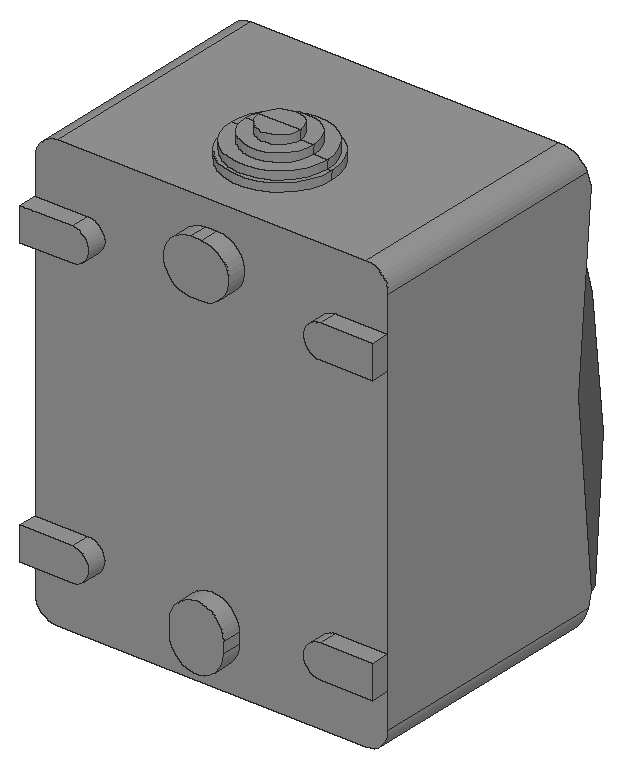
Revit family "IEK_Выключатель_ОткрытойУстановки_10А IP54_ФОРС", category Выключатели, Revit 2019
Family settings
  Сохранять ориентацию аннотаций = Да
  Размер круглого соединителя = Использовать диаметр
  Тип детали = Переключатель
  На основе рабочей плоскости = Нет
  Всегда вертикально = Да
  При загрузке вырезать с полостями = Нет
  Общий = Нет
  Точка расчета площади = Нет
Parameters (values of type "ВСк20-1-0-ФСр")
  Ширина = 65 mm  # constant formula
  Тип монтажа = "Поверхность монтажа (открытая установка)"  # constant formula
  Степень защиты = "IP54"  # constant formula
  Материал крышки = RAL 9004
  Изготовитель = "IEK"  # constant formula
  Дата изменения = ""
  Глубина = 55 mm  # constant formula
  Высота = 92 mm  # constant formula
  ΔХ [instance] = 2000 mm
  ΔY [instance] = 2000 mm
  KSI_CPr_Строительные изделия = "20.4.01"  # constant formula
  KSI_CMa_Строительные материалы = "01.7.14.03"  # constant formula
  IEK_Цена за единицу = 447.76
  IEK_Поиск в таблице имен = ""
  IEK_Описание = "Выключатели и розетки серии «ФОРС» IP54 для открытой установки предназначены для помещений с повышенной влажностью и запыленностью: подвалов, гаражей, мастерских. Дизайн розеток и выключателей данной серии идеально впишется в интерьер промышленных предприятий."
  IEK_URL = "https://www.iek.ru/products/catalog/izdeliya_elektroustanovochnye_udliniteli_i_silovye_razemy/elektroustanovochnye_izdeliya/elektroustanovochnye_izdeliya_otkrytogo_montazha_ip44_ip54/elektroustanovochnye_izdeliya_fors/vyklyuchatel_1_klavishnyy_dlya_otkrytoy_ustanovki_knopochnyy_vsk20_1_0_fsr_fors_ip54_iek"
  ADSK_Ток [instance] = 10 A  # constant formula
  ADSK_Примечание = ""
  ADSK_Полная мощность [instance] = ADSK_Номинальная мощность / ADSK_Коэффициент мощности  # 2200 VA
  ADSK_Позиция [instance] = ""
  ADSK_Номинальная мощность [instance] = ADSK_Ток * ADSK_Напряжение * sqrt(ADSK_Количество фаз числовое) * ADSK_Коэффициент мощности  # 2200 W
  ADSK_Напряжение = 220 V
  ADSK_Наименование = "Выключатель 1-клавишный для открытой установки кнопочный ВСк20-1-0-ФСр ФОРС IP54 IEK"
  ADSK_Материал обозначение = ""
  ADSK_Материал наименование = "Пластик"  # constant formula
  ADSK_Материал = Окраска - RAL 7035
  ADSK_Масса = 0.13
  ADSK_Марка = "ФОРС"  # constant formula
  ADSK_Коэффициент мощности [instance] = 1  # constant formula
  ADSK_Количество фаз числовое = 1
  ADSK_Количество фаз = 1
  ADSK_Код изделия = "EVS13-K03-10-54-DC"
  ADSK_Классификация нагрузок [instance] = Прочее
  ADSK_Завод-изготовитель = "IEK"  # constant formula
  ADSK_Единица измерения = "шт"  # constant formula
  ADSK_Группирование = "III ЭЛЕКТРОУСТАНОВОЧНЫЕ И ЭЛЕКТРОМОНТАЖНЫЕ ИЗДЕЛИЯ"  # constant formula
  ADSK_Версия семейства = "1.0"  # constant formula
  ADSK_Версия Revit = "2019"  # constant formula
  ADSK_URL страницы изделия = "https://www.iek.ru/products/catalog/izdeliya_elektroustanovochnye_udliniteli_i_silovye_razemy/elektroustanovochnye_izdeliya/elektroustanovochnye_izdeliya_otkrytogo_montazha_ip44_ip54/elektroustanovochnye_izdeliya_fors/"
Types (3, lengths in mm): name | IEK_Цена за единицу | IEK_URL | ADSK_Наименование | ADSK_Масса | ADSK_Код изделия
  (no name) | 447.76 | "https://www.iek.ru/products/catalog/izdeliya_elektroustanovochnye_udliniteli_i_silovye_razemy/elektroustanovochnye_izdeliya/elektroustanovochnye_izdeliya_otkrytogo_montazha_ip44_ip54/elektroustanovochnye_izdeliya_fors/vyklyuchatel_1_klavishnyy_dlya_otkrytoy_ustanovki_knopochnyy_vsk20_1_0_fsr_fors_ip54_iek" | "Выключатель 1-клавишный для открытой установки кнопочный ВСк20-1-0-ФСр ФОРС IP54 IEK" | 0.13 | "EVS13-K03-10-54-DC"
  ВС20-1-0-ФСр | 368.6 | "https://www.iek.ru/products/catalog/izdeliya_elektroustanovochnye_udliniteli_i_silovye_razemy/elektroustanovochnye_izdeliya/elektroustanovochnye_izdeliya_otkrytogo_montazha_ip44_ip54/elektroustanovochnye_izdeliya_fors/vyklyuchatel_1_klavishnyy_dlya_otkrytoy_ustanovki_vs20_1_0_fsr_fors_ip54_iek" | "Выключатель 1-клавишный для открытой установки ВС20-1-0-ФСр ФОРС IP54 IEK" | 0.09 | "EVS10-K03-10-54-DC"
  ВСк20-1-0-ФСр | 447.76 | "https://www.iek.ru/products/catalog/izdeliya_elektroustanovochnye_udliniteli_i_silovye_razemy/elektroustanovochnye_izdeliya/elektroustanovochnye_izdeliya_otkrytogo_montazha_ip44_ip54/elektroustanovochnye_izdeliya_fors/vyklyuchatel_1_klavishnyy_dlya_otkrytoy_ustanovki_knopochnyy_vsk20_1_0_fsr_fors_ip54_iek" | "Выключатель 1-клавишный для открытой установки кнопочный ВСк20-1-0-ФСр ФОРС IP54 IEK" | 0.13 | "EVS13-K03-10-54-DC"
Reference planes
  plane 1 "По центру (Вперед/Назад)": y = 0
  plane 2: z = 0
  plane 3 "По центру (Влево/Вправо)": x = 0
  plane 4 "Высота ножек": z = 280
  plane 5 "Высота": z = 2081.496
  plane 6: x = -2000
  plane 7: y = 2000
Forms (mm)
  Extrusion 1, solid, detail levels coarse
    sketch origin (5.5, 24, 0) x (1, 0, 0) y (0, 1, 0)
      loop
        line (-38, -24) -> (27, -24) -> (27, 31) -> (-38, 31) -> (-38, -24)
    from 0 to 92
  Extrusion 2, solid, detail levels medium
    sketch origin (-5.5, 24, 0) x (1, 0, 0) y (0, 1, 0)
      loop
        line (-27, 31) -> (-27, -24) -> (38, -24) -> (38, 31) -> (-27, 31)
    from 0 to 92
  Extrusion 3, solid, material "Окраска - RAL 7035" <- "ADSK_Материал", detail levels fine
    sketch origin (0, 0, 45.5) x (1, 0, 0) y (0, 0, -1)
      loop
        line (-32, 35.5) -> (-32, -35.45)
        arc (-32, -35.45) -> (-30.814, -38.314) -> (-27.95, -39.5) r 4.05
        line (-27.95, -39.5) -> (28, -39.5)
        arc (28, -39.5) -> (30.828, -38.328) -> (32, -35.5) r 4
        line (32, -35.5) -> (32, 35.5)
        arc (32, 35.5) -> (30.828, 38.328) -> (28, 39.5) r 4
        line (28, 39.5) -> (-28, 39.5)
        arc (-28, 39.5) -> (-30.828, 38.328) -> (-32, 35.5) r 4
    from 3.5 to 50.392
  Extrusion 4, void
    sketch origin (0, 0, 32.4) x (1, 0, 0) y (0, 0, -1)
      loop
        line (-30.2, 22.4) -> (-30.2, -48.6)
        arc (-30.2, -48.6) -> (-29.556, -50.156) -> (-28, -50.8) r 2.2
        line (-28, -50.8) -> (28, -50.8)
        arc (28, -50.8) -> (29.556, -50.156) -> (30.2, -48.6) r 2.2
        line (30.2, -48.6) -> (30.2, 22.4)
        arc (30.2, 22.4) -> (29.556, 23.956) -> (28, 24.6) r 2.2
        line (28, 24.6) -> (-28, 24.6)
        arc (-28, 24.6) -> (-29.556, 23.956) -> (-30.2, 22.4) r 2.2
    from 39.3 to 50.392
  Extrusion 5, solid, material "Окраска - RAL 7035" <- "ADSK_Материал", detail levels fine
    sketch origin (0, 0, 45.5) x (1, 0, 0) y (0, 0, -1)
      loop
        line (-32, 23) -> (-22.5, 23)
        arc (-22.5, 23) -> (-19.5, 26) -> (-22.5, 29) r 3
        line (-22.5, 29) -> (-32, 29) -> (-32, 23)
      loop
        line (32, 23) -> (32, 29) -> (22.5, 29)
        arc (22.5, 29) -> (19.5, 26) -> (22.5, 23) r 3
        line (22.5, 23) -> (32, 23)
      loop
        line (-32, -23) -> (-32, -29) -> (-22.5, -29)
        arc (-22.5, -29) -> (-19.5, -26) -> (-22.5, -23) r 3
        line (-22.5, -23) -> (-32, -23)
      loop
        line (32, -23) -> (22.5, -23)
        arc (22.5, -23) -> (19.5, -26) -> (22.5, -29) r 3
        line (22.5, -29) -> (32, -29) -> (32, -23)
      loop
        arc (1, -34.9) -> (5.9, -30) -> (1, -25.1) r 4.9
        line (1, -25.1) -> (-1, -25.1)
        arc (-1, -25.1) -> (-5.9, -30) -> (-1, -34.9) r 4.9
        line (-1, -34.9) -> (1, -34.9)
      loop
        line (-4.9, 31) -> (-4.9, 29)
        arc (-4.9, 29) -> (0, 24.1) -> (4.9, 29) r 4.9
        line (4.9, 29) -> (4.9, 31)
        arc (4.9, 31) -> (0, 35.9) -> (-4.9, 31) r 4.9
    from 0 to 3.5
  Revolve 6, solid, material "Окраска - RAL 7035" <- "ADSK_Материал", detail levels fine
    sketch origin (0, 18.905, 4617.5) x (-1, 0, 0) y (0, 0, 1)
      loop
        line (0, -4526.5) -> (0, -4532.5) -> (9.541, -4532.5) -> (9.541, -4531) -> (8.75, -4531) -> (8.75, -4529.5) -> (6.25, -4529.5) -> (6.25, -4528) -> (3.75, -4528) -> (3.75, -4526.5) -> (0, -4526.5)
      loop
        line (0, -4617.5) -> (3.75, -4617.5) -> (3.75, -4616) -> (6.25, -4616) -> (6.25, -4614.5) -> (8.75, -4614.5) -> (8.75, -4613) -> (9.541, -4613) -> (9.541, -4611.5) -> (0, -4611.5) -> (0, -4617.5)
      axis (0, -4617.5) -> (0, -4526.5)
    angle from 0 to 360
  Extrusion 7, void
    sketch origin (0, 0, 45.5) x (0, 0, -1) y (0, 1, 0)
      loop
        line (39.5, 47.287) -> (39.5, 51.998) -> (-39.5, 51.998) -> (-39.5, 47.287) -> (-33.021, 49.493)
        arc (-33.021, 49.493) -> (0.067, 46.452) -> (33.15, 49.537) r 180.205
        arc (33.15, 49.537) -> (36.341, 48.456) -> (39.5, 47.287) r 121.61
    from -32 to 32
  Extrusion 8, solid, material "RAL 9004" <- "Материал крышки", detail levels fine
    sketch origin (0, 0, -54.575) x (0, 0, -1) y (0, 1, 0)
      loop
        line (-136.6, 39.3) -> (-63.59, 39.3) -> (-63.59, 46.629) -> (-64.398, 53.299)
        arc (-64.398, 53.299) -> (-64.651, 53.912) -> (-65.264, 54.166) r 0.867
        arc (-65.264, 54.166) -> (-101.053, 55.2) -> (-135.915, 47.044) r 138.769
        arc (-135.915, 47.044) -> (-136.396, 46.68) -> (-136.6, 46.112) r 1.059
        line (-136.6, 46.112) -> (-136.6, 39.3)
    from -29 to 29
Cuts and joins
  Extrusion 4, Extrusion 7 cuts Extrusion 3
Lines and regions (mm)
  reference lines
    curve 1: line (0, 44.647, 0) -> (0, -55.353, 0)
    curve 2: line (-23.829, 0, 0) -> (76.171, 0, 0)
Dimensions and locks
  locked: plane 4 "Высота ножек" to plane 2 at 280
  plane 5 "Высота" to plane 4 "Высота ножек" = 1801.496 mm
  "ΔХ": plane 6 to curve 1
  "ΔY": plane 7 to curve 2
  aligned and locked: level to plane 2
  aligned and locked: curve 2 to nested 1
  aligned and locked: nested 1 to curve 1
Automatic sketch dimensions
  Extrusion 1 sketch curve to plane 1 "По центру (Вперед/Назад)" = 55 mm
  Extrusion 1 sketch curve to plane 3 "По центру (Влево/Вправо)" = 32.5 mm
  plane 3 "По центру (Влево/Вправо)" to Extrusion 1 sketch curve = 32.5 mm
  plane 1 "По центру (Вперед/Назад)" to Extrusion 1 sketch curve = 0 mm
  Extrusion 2 sketch curve to plane 3 "По центру (Влево/Вправо)" = 32.5 mm
  plane 3 "По центру (Влево/Вправо)" to Extrusion 2 sketch curve = 32.5 mm
  plane 1 "По центру (Вперед/Назад)" to Extrusion 2 sketch curve = 0 mm
  Extrusion 2 sketch curve to plane 1 "По центру (Вперед/Назад)" = 55 mm
  level to Extrusion 3 sketch curve = 10 mm  (x2)
  Extrusion 3 sketch curve to plane 3 "По центру (Влево/Вправо)" = 32 mm
  Extrusion 3 sketch curve to Extrusion 3 sketch curve = 4 mm
  Extrusion 3 sketch curve to Extrusion 3 sketch curve = 4.05 mm
  plane 3 "По центру (Влево/Вправо)" to Extrusion 3 sketch curve = 28 mm  (x2)
  Extrusion 3 sketch curve to Extrusion 3 sketch curve = 70.95 mm
  level to Extrusion 4 sketch curve = 10 mm  (x2)
  Extrusion 4 sketch curve to plane 3 "По центру (Влево/Вправо)" = 30.2 mm
  Extrusion 4 sketch curve to Extrusion 4 sketch curve = 2.2 mm  (x2)
  plane 3 "По центру (Влево/Вправо)" to Extrusion 4 sketch curve = 28 mm  (x2)
  Extrusion 4 sketch curve to Extrusion 4 sketch curve = 71 mm
  Extrusion 5 sketch curve to plane 3 "По центру (Влево/Вправо)" = 0 mm
  Extrusion 5 sketch curve to plane 3 "По центру (Влево/Вправо)" = 1 mm
  Extrusion 5 sketch curve to plane 3 "По центру (Влево/Вправо)" = 4.9 mm
  Extrusion 5 sketch curve to Extrusion 5 sketch curve = 21.5 mm  (x2)
  Extrusion 5 sketch curve to Extrusion 5 sketch curve = 17.6 mm  (x2)
  Extrusion 5 sketch curve to Extrusion 5 sketch curve = 9.5 mm  (x4)
  plane 3 "По центру (Влево/Вправо)" to Extrusion 5 sketch curve = 1 mm
  level to Extrusion 5 sketch curve = 80.4 mm
  Extrusion 5 sketch curve to Extrusion 5 sketch curve = 4.9 mm
  Extrusion 5 sketch curve to Extrusion 5 sketch curve = 1 mm  (x2)
  Extrusion 5 sketch curve to Extrusion 5 sketch curve = 3 mm  (x4)
  level to Extrusion 5 sketch curve = 22.5 mm  (x2)
  level to Extrusion 5 sketch curve = 16.5 mm
  Extrusion 5 sketch curve to Extrusion 5 sketch curve = 2 mm
  Revolve 6 sketch curve to plane 3 "По центру (Влево/Вправо)" = 0 mm  (x3)
  Revolve 6 sketch curve to level = 0 mm
  Revolve 6 sketch curve to plane 3 "По центру (Влево/Вправо)" = 3.75 mm  (x2)
  level to Revolve 6 sketch curve = 1.5 mm
  Revolve 6 sketch curve to Revolve 6 sketch curve = 2.5 mm  (x4)
  Revolve 6 sketch curve to Revolve 6 sketch curve = 0.791 mm  (x2)
  Revolve 6 sketch curve to Revolve 6 sketch curve = 1.5 mm  (x6)
  Revolve 6 sketch curve to Revolve 6 sketch curve = 4.5 mm
  Revolve 6 sketch curve to Revolve 6 sketch curve = 79 mm
  Revolve 6 sketch curve to level = 1478.5 mm
  Revolve 6 sketch curve to plane 5 "Высота" = 511.996 mm
  level to Extrusion 7 sketch curve = 85 mm
  Extrusion 7 sketch curve to Extrusion 7 sketch curve = 6.479 mm
  level to Extrusion 7 sketch curve = 49.778 mm
  level to Extrusion 7 sketch curve = 45.554 mm
  level to Extrusion 7 sketch curve = 6 mm
  plane 1 "По центру (Вперед/Назад)" to Extrusion 7 sketch curve = 66.17 mm
  Extrusion 7 sketch curve to plane 1 "По центру (Вперед/Назад)" = 47.287 mm  (x2)
  Extrusion 7 sketch curve to Extrusion 7 sketch curve = 2.206 mm
  Extrusion 7 sketch curve to Extrusion 7 sketch curve = 4.711 mm
  Extrusion 7 sketch curve to Extrusion 7 sketch curve = 174.659 mm
  level to Extrusion 8 sketch curve = 82.025 mm
  Extrusion 8 sketch curve to Extrusion 8 sketch curve = 1.058 mm
  level to Extrusion 8 sketch curve = 32.559 mm
  level to Extrusion 8 sketch curve = 10.689 mm
  Extrusion 8 sketch curve to Extrusion 8 sketch curve = 0.867 mm
  Extrusion 8 sketch curve to Extrusion 8 sketch curve = 0.808 mm
  plane 1 "По центру (Вперед/Назад)" to Extrusion 8 sketch curve = 82.869 mm
  Extrusion 8 sketch curve to plane 1 "По центру (Вперед/Назад)" = 39.3 mm
  Extrusion 8 sketch curve to Extrusion 8 sketch curve = 6.752 mm
  Extrusion 8 sketch curve to Extrusion 8 sketch curve = 0.061 mm
  Extrusion 8 sketch curve to Extrusion 8 sketch curve = 7.329 mm
  Extrusion 8 sketch curve to Extrusion 8 sketch curve = 6.67 mm
  curve 2 to plane 3 "По центру (Влево/Вправо)" = 23.829 mm
  plane 3 "По центру (Влево/Вправо)" to curve 2 = 76.171 mm
  plane 1 "По центру (Вперед/Назад)" to curve 1 = 55.353 mm
  curve 1 to plane 1 "По центру (Вперед/Назад)" = 44.647 mm
Nested families
  nested 1: "УГО Выключателя" at (0, 0, 0), type "1K-O", detail levels coarse+medium
    with IP44 yes
Connectors
  electrical at (0, 0, 46), driven by "ADSK_Количество фаз", driven by "ADSK_Классификация нагрузок", driven by "ADSK_Напряжение", driven by "ADSK_Полная мощность", driven by "ADSK_Коэффициент мощности"
    settings: on Extrusion 1, index 1, voltage 220 V, apparent load 0 VA, apparent load phase1 2200 VA, apparent load phase2 0 VA, apparent load phase3 0 VA, power factor 1, load classification "Прочее", number of poles 1, system type 31, power factor state 1, is connector primary yes, connector utility no, sub classification motor no, connector description ""
Definition of nested family "УГО Выключателя"
  Parameters (values of type "3K-O")
    IP44 [instance] = no
    3K-C = no
    2K-C = no
    1K-C = no
    3K-O = yes
    2K-O = no
    1K-O = no
  Types (6, lengths in mm): name | 3K-C | 2K-C | 1K-C | 3K-O | 2K-O | 1K-O
    2K-O | no | no | no | no | yes | no
    3K-O | no | no | no | yes | no | no
    2K-C | no | yes | no | no | no | no
    1K-O | no | no | no | no | no | yes
    1K-C | no | no | yes | no | no | no
    3K-C | yes | no | no | no | no | no
  Reference planes
    plane 1: y = 0
    plane 2: x = 0
  Lines and regions (mm)
    Filled region 1, type "Цветовая область 1", visible <- "IP44", not visible
      outline origin (0, 0, 0) x (1, 0, 0) y (0, 1, 0)
        loop
          circle (0, 2.214) r 0.994
    Filled region 2, type "Цветовая область 1", visible <- "IP44", not visible
      outline origin (-1.562, 0, 0) x (1, 0, 0) y (0, 1, 0)
        loop
          circle (11.009, 9.276) r 0.994
    Filled region 3, type "Цветовая область 1", visible <- "IP44", not visible
      outline origin (-1.562, 0, 0) x (1, 0, 0) y (0, 1, 0)
        loop
          circle (23.521, 9.279) r 0.994
    Filled region 4, type "Цветовая область 1", visible <- "IP44", not visible
      outline origin (0, 0, 0) x (1, 0, 0) y (0, 1, 0)
        loop
          circle (28.604, 9.279) r 0.994
    Filled region 5, type "Цветовая область 1", visible <- "IP44", not visible
      outline origin (0, 0, 0) x (1, 0, 0) y (0, 1, 0)
        loop
          circle (32.789, 9.279) r 0.994
    Filled region 6, type "Цветовая область 1", visible <- "IP44"
      outline origin (0, 0, 0) x (1, 0, 0) y (0, 1, 0)
        loop
          circle (0.006, 0.994) r 0.994
    Filled region 7, type "Цветовая область 1", visible <- "IP44"
      outline origin (0, 0, 0) x (1, 0, 0) y (0, 1, 0)
        loop
          circle (0.006, 0.994) r 0.994
    Filled region 8, type "Цветовая область 1", visible <- "IP44"
      outline origin (-1.562, 0, 0) x (1, 0, 0) y (0, 1, 0)
        loop
          circle (1.569, 0.994) r 0.994
    Filled region 9, type "Цветовая область 1", visible <- "IP44"
      outline origin (0, 0, 0) x (1, 0, 0) y (0, 1, 0)
        loop
          circle (0.006, 0.994) r 0.994
    Filled region 10, type "Цветовая область 1", visible <- "IP44", not visible
      outline origin (0, 0, 0) x (1, 0, 0) y (0, 1, 0)
        loop
          circle (15.057, 15.33) r 0.994
    Filled region 11, type "Цветовая область 1", visible <- "IP44"
      outline origin (-1.562, 0, 0) x (1, 0, 0) y (0, 1, 0)
        loop
          circle (1.569, 0.994) r 0.994
    Filled region 12, type "Цветовая область 1", visible <- "IP44"
      outline origin (0, 0, 0) x (1, 0, 0) y (0, 1, 0)
        loop
          circle (0.006, 0.994) r 0.994
    detail lines, visible <- "3K-O", not visible
      curve 1: line (0.86, 2.711, 0) -> (3.031, 3.964, 0)
      curve 2: line (0.639, 2.975, 0) -> (2.25, 4.895, 0)
      curve 3: line (0.323, 3.154, 0) -> (1.139, 5.524, 0)
      curve 4: circle (0, 2.214, 0) r 0.994 normal (0, 0, 1)
      curve 5: line (3.031, 3.964, 0) -> (3.431, 3.272, 0)
      curve 6: line (2.25, 4.895, 0) -> (2.863, 4.381, 0)
      curve 7: line (1.139, 5.524, 0) -> (1.896, 5.263, 0)
    detail lines, visible <- "2K-O", not visible
      curve 8: line (10.196, 9.928, 0) -> (12.088, 11.572, 0)
      curve 9: line (9.928, 10.145, 0) -> (11.143, 12.337, 0)
      curve 10: circle (9.446, 9.276, 0) r 0.994 normal (0, 0, 1)
      curve 11: line (12.088, 11.572, 0) -> (12.613, 10.968, 0)
      curve 12: line (11.143, 12.337, 0) -> (11.843, 11.949, 0)
    detail lines, visible <- "1K-O", not visible
      curve 13: line (15.627, 16.144, 0) -> (17.201, 18.393, 0)
      curve 14: circle (15.057, 15.33, 0) r 0.994 normal (0, 0, 1)
      curve 15: line (17.201, 18.393, 0) -> (17.857, 17.934, 0)
    detail lines, visible <- "3K-C", not visible
      curve 16: line (22.819, 9.775, 0) -> (24.99, 11.029, 0)
      curve 17: line (22.597, 10.04, 0) -> (24.208, 11.96, 0)
      curve 18: line (22.282, 10.218, 0) -> (23.098, 12.588, 0)
      curve 19: circle (21.958, 9.279, 0) r 0.994 normal (0, 0, 1)
      curve 20: line (24.765, 11.418, 0) -> (25.215, 10.639, 0)
      curve 21: line (23.863, 12.249, 0) -> (24.553, 11.67, 0)
      curve 22: line (22.672, 12.734, 0) -> (23.523, 12.441, 0)
    detail lines, visible <- "2K-C", not visible
      curve 23: line (29.354, 9.93, 0) -> (31.246, 11.575, 0)
      curve 24: line (29.086, 10.148, 0) -> (30.301, 12.34, 0)
      curve 25: circle (28.604, 9.279, 0) r 0.994 normal (0, 0, 1)
      curve 26: line (30.951, 11.914, 0) -> (31.541, 11.235, 0)
      curve 27: line (29.908, 12.558, 0) -> (30.695, 12.122, 0)
    detail lines, visible <- "1K-C", not visible
      curve 28: line (33.359, 10.092, 0) -> (34.797, 12.146, 0)
      curve 29: circle (32.789, 9.279, 0) r 0.994 normal (0, 0, 1)
      curve 30: line (34.428, 12.404, 0) -> (35.165, 11.887, 0)
    detail lines
      curve 31: line (0.006, 0, 0) -> (0.006, 2.454, 0)
      curve 32: line (0.006, 0, 0) -> (2.217, 0, 0)
    detail lines, visible <- "1K-C"
      curve 33: line (0.576, 1.808, 0) -> (2.014, 3.861, 0)
      curve 34: circle (0.006, 0.994, 0) r 0.994 normal (0, 0, 1)
      curve 35: line (1.645, 4.119, 0) -> (2.383, 3.603, 0)
    detail lines, visible <- "2K-C"
      curve 36: line (0.756, 1.645, 0) -> (2.648, 3.29, 0)
      curve 37: line (0.488, 1.863, 0) -> (1.703, 4.055, 0)
      curve 38: circle (0.006, 0.994, 0) r 0.994 normal (0, 0, 1)
      curve 39: line (2.353, 3.629, 0) -> (2.943, 2.95, 0)
      curve 40: line (1.31, 4.273, 0) -> (2.097, 3.837, 0)
    detail lines, visible <- "3K-C"
      curve 41: line (0.867, 1.49, 0) -> (3.037, 2.744, 0)
      curve 42: line (0.645, 1.755, 0) -> (2.256, 3.675, 0)
      curve 43: line (0.33, 1.933, 0) -> (1.146, 4.303, 0)
      curve 44: circle (0.006, 0.994, 0) r 0.994 normal (0, 0, 1)
      curve 45: line (2.812, 3.133, 0) -> (3.262, 2.354, 0)
      curve 46: line (1.911, 3.964, 0) -> (2.601, 3.386, 0)
      curve 47: line (0.72, 4.449, 0) -> (1.571, 4.156, 0)
    detail lines, visible <- "1K-O"
      curve 48: line (0.576, 1.808, 0) -> (2.151, 4.056, 0)
      curve 49: circle (0.006, 0.994, 0) r 0.994 normal (0, 0, 1)
      curve 50: line (2.151, 4.056, 0) -> (2.806, 3.597, 0)
    detail lines, visible <- "2K-O"
      curve 51: line (0.756, 1.645, 0) -> (2.648, 3.29, 0)
      curve 52: line (0.488, 1.863, 0) -> (1.703, 4.055, 0)
      curve 53: circle (0.006, 0.994, 0) r 0.994 normal (0, 0, 1)
      curve 54: line (2.648, 3.29, 0) -> (3.173, 2.686, 0)
      curve 55: line (1.703, 4.055, 0) -> (2.403, 3.667, 0)
    detail lines, visible <- "3K-O"
      curve 56: line (0.867, 1.49, 0) -> (3.037, 2.744, 0)
      curve 57: line (0.645, 1.755, 0) -> (2.256, 3.675, 0)
      curve 58: line (0.33, 1.933, 0) -> (1.146, 4.303, 0)
      curve 59: circle (0.006, 0.994, 0) r 0.994 normal (0, 0, 1)
      curve 60: line (3.037, 2.744, 0) -> (3.437, 2.051, 0)
      curve 61: line (2.256, 3.675, 0) -> (2.869, 3.161, 0)
      curve 62: line (1.146, 4.303, 0) -> (1.902, 4.042, 0)
